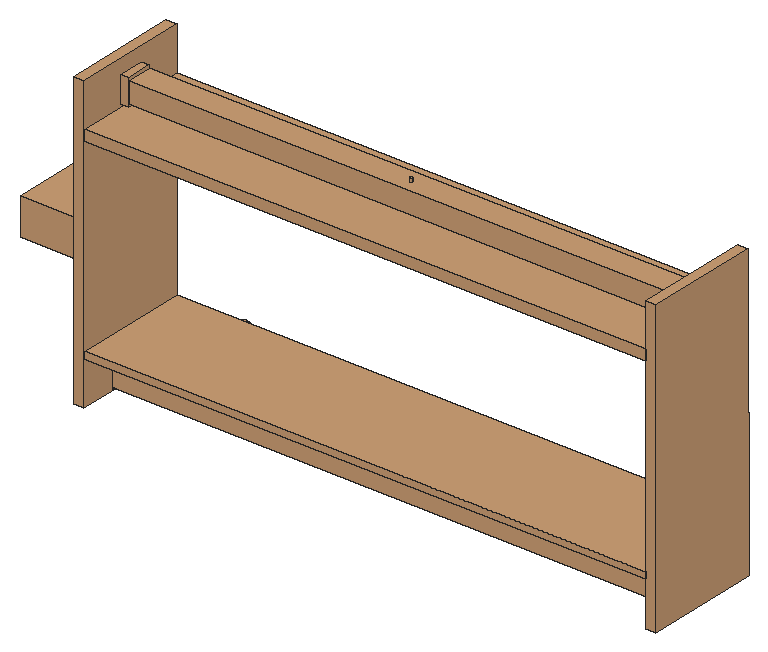
Revit family
Parameters
  Center of Unit = 0' - 0"  # constant formula
  Total Heating Capacity [instance] = 0.0 Btu/h
  Series = "VIFB"
  Outlet Area = 26.80 SF
  Lower Frame Thickness = if(Headers Height = 0' 3", 0' 1 1/4", if(Headers Height = 0' 3 1/4", 0' 1 1/4", 0' 0"))  # 0' - 1 1/4"
  Water Pressure Drop [instance] = 0.00 psi
  Water Flow [instance] = 0 GPM
  Unit Weight (lbs) = 1093
  URL = "http://www.ljwing.com/"
  Water Outlet Radius = 0' - 1 1/2"
  Headers Height = if(M = 0' 1", 0' 3", if(M = 0' 1 1/2", 0' 3 1/4", 0' 0"))  # 0' - 3 1/4"
  Number of Rows = 2  # constant formula
  Number of Coils [instance] = 0
  Nominal Length = 9' - 3 3/16"
  N = 1' - 0 3/4"
  Model = "VB-10W"
  Manufacturer = "LJ Wing"
  M = 0' - 1 1/2"
  Leaving Water Temperature [instance] = 0 °F
  Leaving Air Temperature [instance] = 0 °F
  Entering Water Temperature [instance] = 0 °F
  Entering Air Temperature [instance] = 0 °F
  Description = "Vertical Integral Face & Bypass Water Heating Coils"
  Hot Water Inlet  Radius = 0' - 1 1/2"
  Coil Face Area = Outlet Area * 0.56  # 15.008 SF
  Casing Material = ""
  Assembly Code = "D3020300"
  Air Vent Radius = 0' - 0 1/4"
  Air Pressure Drop [instance] = 0.00 in-wg
  Air Inlet Width = Nominal Length - 0' 4"  # 8' - 11 3/16"
  Air Inlet Height = Y  # 3' - 0"
  Air Flow [instance] = 0 CFM
  Y = 3' - 0"
  S = 0' - 9 3/4"  # constant formula
  Product URL = "http://www.ljwing.com/html/vifb.asp"
  OmniClass = "23-75 70 21 14 "
  Nominal Height = 4' - 8"
  Nominal Depth = 1' - 10"
  R = 0' - 10 1/4"  # constant formula
  Q = 0' - 4 19/32"
Reference planes (in)
  plane 1 "Center (Front/Back)": y = 0
  plane 2: z = -18
  plane 3 "Center (Left/Right)": x = 0
  plane 4: z = 28.25
  plane 5: x = -55.59375
  plane 6: x = 55.59375
  plane 7: z = -27.75
  plane 8: z = 0
  plane 9: y = -11
  plane 10: y = 11
  plane 11: z = 18
  plane 12: z = 20
  plane 13: z = -19.25
  plane 14: x = 53.59375
  plane 15: x = -53.59375
  plane 16: x = -51
  plane 17: x = 51
  plane 18: y = 14.0625
  plane 19: x = -66.59375
  plane 20: z = 25.125
  plane 21: z = 21.125
  plane 22: y = -2.5
  plane 23: y = 2.5
  plane 24: y = -4.5
  plane 25: z = -25.375
  plane 26: x = -42.84375
  plane 27: x = 42.84375
  plane 28: z = -21.375
Forms (in)
  Extrusion 1, solid, material "Painted Finish"
    sketch origin (0, 6, -9.75) x (1, 0, 0) y (0, 0, 1)
      loop
        line (-55.59375, -18) -> (-53.59375, -18) -> (-53.59375, 38) -> (-55.59375, 38) -> (-55.59375, -18)
      loop
        line (55.59375, -18) -> (55.59375, 38) -> (53.59375, 38) -> (53.59375, -18) -> (55.59375, -18)
    from -5 to 17
  Extrusion 2, solid, material "Painted Finish"
    sketch origin (0, 6, 0) x (1, 0, 0) y (0, 0, 1)
      loop
        line (53.59375, -18) -> (-53.59375, -18) -> (-53.59375, -19.25) -> (53.59375, -19.25) -> (53.59375, -18)
      loop
        line (53.59375, 18) -> (53.59375, 20) -> (-53.59375, 20) -> (-53.59375, 18) -> (53.59375, 18)
    from -5 to 17
  Extrusion 3, solid, material "Painted Finish"
    sketch origin (0, 10, -0.5) x (1, 0, 0) y (0, 0, 1)
      loop
        line (-55.59375, 4) -> (-66.59375, 4) -> (-66.59375, -3) -> (-55.59375, -3) -> (-55.59375, 4)
    from 0 to 20
  Extrusion 4, solid, material "Painted Finish"
    sketch origin (0, 6, 0) x (1, 0, 0) y (0, 0, 1)
      loop
        line (-51.96875, 25.125) -> (-51.96875, 21.125) -> (51.96875, 21.125) -> (51.96875, 25.125) -> (-51.96875, 25.125)
    from 3.5 to 8.5
  Extrusion 5, solid, material "Painted Finish"
    sketch origin (0, 0, 0) x (1, 0, 0) y (0, 0, 1)
      loop
        line (-51.96875, 20.625) -> (-51.96875, 25.625) -> (-53.59375, 25.625) -> (-53.59375, 20.625) -> (-51.96875, 20.625)
      loop
        line (53.59375, 20.625) -> (53.59375, 25.625) -> (51.96875, 25.625) -> (51.96875, 20.625) -> (53.59375, 20.625)
    from -2.5 to 2.5
  Extrusion 6, solid, material "Painted Finish"
    sketch origin (0, 6, 0) x (1, 0, 0) y (0, 0, 1)
      loop
        line (-53.09375, -19.75) -> (-53.09375, -19.5) -> (-53.59375, -19.5) -> (-53.59375, -23.25) -> (-53.09375, -23.25) -> (-53.09375, -23) -> (53.09375, -23) -> (53.09375, -23.25) -> (53.59375, -23.25) -> (53.59375, -19.5) -> (53.09375, -19.5) -> (53.09375, -19.75) -> (-53.09375, -19.75)
      loop
        line (53.09375, -27) -> (53.09375, -27.125) -> (53.59375, -27.125) -> (53.59375, -23.5) -> (53.09375, -23.5) -> (53.09375, -23.75) -> (-53.09375, -23.75) -> (-53.09375, -23.5) -> (-53.59375, -23.5) -> (-53.59375, -27.25) -> (-53.09375, -27.25) -> (-53.09375, -27) -> (53.09375, -27)
    from -5 to 10.5
  Extrusion 7, void
    sketch origin (0, 0, 0) x (1, 0, 0) y (0, 0, 1)
      loop
        line (-53.59375, 18) -> (-53.59375, -18) -> (53.59375, -18) -> (53.59375, 18) -> (-53.59375, 18)
    from -11 to 11
  Extrusion 8, solid, material "Painted Finish"
    sketch origin (0, 0, 0) x (1, 0, 0) y (0, 0, 1)
      loop
        circle (42.84375, -25.375) r 1.5
      loop
        circle (-42.84375, -21.375) r 1.5
    from -14.0625 to -11
  Extrusion 9, solid, material "Painted Finish"
    sketch origin (0, 0, 0) x (1, 0, 0) y (0, 1, 0)
      loop
        circle (0, 0) r 0.25
    from 25.125 to 25.625
Cuts and joins
  Extrusion 7 cuts Extrusion 1
  Extrusion 7 cuts Extrusion 2
Dimensions and locks (in)
  "Nominal Length": plane 6 to plane 5
  equal spacing: plane 6, plane 3 "Center (Left/Right)", plane 5
  "S": plane 2 to plane 7
  "Nominal Depth": plane 10 to plane 9
  equal spacing: plane 10, plane 1 "Center (Front/Back)", plane 9
  "Y": plane 11 to plane 2
  "R": plane 4 to plane 11
  locked: plane 12 to plane 11 at 2
  "Lower Frame Thickness": plane 2 to plane 13
  "Q": plane 16 to plane 5
  "Q": plane 6 to plane 17
  locked: plane 18 to plane 10 at 3.0625
  locked: plane 5 to plane 19 at 11
  locked: Extrusion 3 sketch curve to Extrusion 3 sketch curve at 7
  locked: Extrusion 3 to Extrusion 3 at 20
  locked: plane 6 to plane 14 at 2
  locked: plane 15 to plane 5 at 2
  locked: Extrusion 5 sketch curve to plane 20 at 0.5
  locked: plane 21 to Extrusion 5 sketch curve at 0.5
  locked: plane 20 to plane 21 at 4
  locked: plane 23 to plane 22 at 5
  equal spacing: plane 23, plane 1 "Center (Front/Back)", plane 22
  locked: plane 22 to plane 24 at 2
  plane 4 to plane 7 = 4' - 8"
  locked: Extrusion 5 sketch curve to Extrusion 1 at 1.625
  locked: Extrusion 5 sketch curve to Extrusion 5 sketch curve at 1.625
  locked: Extrusion 7 sketch curve to plane 11 at 0
  locked: Extrusion 7 sketch curve to plane 15 at 0
  locked: Extrusion 7 sketch curve to plane 14 at 0
  locked: plane 15 to Extrusion 6 sketch curve at 0.5
  locked: Extrusion 6 sketch curve to Extrusion 6 sketch curve at 0.25  (x2)
  locked: plane 25 to plane 7 at 2.375
  "N": plane 26 to plane 5
  "N": plane 6 to plane 27
  locked: plane 28 to plane 7 at 6.375
  "Headers Height": Extrusion 6 sketch curve to Extrusion 6 sketch curve  (x2)
  locked: Extrusion 8 sketch curve to plane 25 at 0
  locked: Extrusion 8 sketch curve to plane 28 at 0
  locked: Extrusion 9 sketch curve to plane 1 "Center (Front/Back)" at 0
  locked: Extrusion 9 sketch curve to plane 3 "Center (Left/Right)" at 0
  equal spacing: Extrusion 6 sketch curve, plane 28, Extrusion 6 sketch curve
  equal spacing: Extrusion 6 sketch curve, plane 25, Extrusion 6 sketch curve
  locked: plane 4 to plane 20 at 3.125
  locked: Extrusion 7 sketch curve to plane 2 at 0
  equal spacing: plane 11, plane 8, plane 2
  locked: Extrusion 8 sketch curve to plane 27 at 0
  locked: Extrusion 8 sketch curve to plane 26 at 0
  "M": radius of Extrusion 8 sketch curve  (x2)
  "Air Vent Radius": radius of Extrusion 9 sketch curve
  aligned and locked: Extrusion 1 to plane 9
  aligned and locked: Extrusion 1 to plane 10
  aligned and locked: plane 15 to Extrusion 1
  aligned and locked: Extrusion 1 to plane 14
  aligned and locked: plane 9 to Extrusion 2
  aligned and locked: plane 9 to Extrusion 1
  aligned and locked: plane 10 to Extrusion 1  (x2)
  aligned and locked: Extrusion 2 to plane 10
  aligned and locked: plane 10 to Extrusion 2  (x2)
  aligned and locked: Extrusion 2 to plane 9  (x2)
  aligned and locked: plane 5 to Extrusion 3
  aligned and locked: Extrusion 5 sketch curve to plane 15
  aligned and locked: Extrusion 5 sketch curve to Extrusion 4
  aligned and locked: Extrusion 1 to Extrusion 6
  aligned and locked: plane 22 to Extrusion 5
  aligned and locked: Extrusion 5 to Extrusion 4  (x2)
  aligned and locked: Extrusion 5 to plane 23
  aligned and locked: Extrusion 6 to plane 24
  aligned and locked: Extrusion 4 to Extrusion 5  (x2)
  aligned and locked: Extrusion 5 to Extrusion 1  (x2)
  aligned and locked: Extrusion 1 to Extrusion 7  (x2)
  aligned and locked: Extrusion 8 to plane 18
  aligned and locked: Extrusion 8 to plane 10
  aligned and locked: plane 20 to Extrusion 9
  aligned and locked: Extrusion 9 to Extrusion 5
  aligned and locked: plane 2 to cut or joined group of Extrusion 2, Extrusion 7
  aligned and locked: plane 6 to Extrusion 1 sketch curve
  aligned and locked: plane 14 to Extrusion 1 sketch curve
  aligned and locked: Extrusion 1 sketch curve to plane 15
  aligned and locked: Extrusion 1 sketch curve to plane 5
  aligned and locked: Extrusion 1 sketch curve to plane 4  (x2)
  aligned and locked: plane 7 to Extrusion 1 sketch curve  (x2)
  aligned and locked: Extrusion 2 sketch curve to plane 11
  aligned and locked: Extrusion 2 sketch curve to plane 12
  aligned and locked: plane 2 to Extrusion 2 sketch curve
  aligned and locked: Extrusion 2 sketch curve to plane 13
  aligned and locked: Extrusion 2 sketch curve to plane 14  (x2)
  aligned and locked: Extrusion 2 sketch curve to plane 15  (x2)
  aligned and locked: plane 20 to Extrusion 4 sketch curve
  aligned and locked: Extrusion 4 sketch curve to plane 21
  aligned and locked: Extrusion 6 sketch curve to plane 14  (x2)
  aligned and locked: plane 15 to Extrusion 6 sketch curve  (x2)
Automatic sketch dimensions
  Extrusion 3 sketch curve to plane 19 = 0' - 0"
  Extrusion 3 sketch curve to plane 5 = 0' - 0"
  plane 8 to Extrusion 3 sketch curve = 0' - 3 1/2"
  Extrusion 4 sketch curve to plane 16 = 0' - 0 31/32"
  plane 17 to Extrusion 4 sketch curve = 0' - 0 31/32"
  plane 21 to Extrusion 5 sketch curve = 0' - 0 1/2"
  Extrusion 5 sketch curve to plane 20 = 0' - 0 1/2"
  plane 15 to Extrusion 6 sketch curve = 0' - 0 1/2"  (x2)
  Extrusion 6 sketch curve to Extrusion 6 sketch curve = 0' - 0 1/4"  (x5)
  Extrusion 6 sketch curve to Extrusion 6 sketch curve = 0' - 0"  (x2)
  Extrusion 6 sketch curve to plane 14 = 0' - 0 1/2"  (x2)
  Extrusion 6 sketch curve to Extrusion 6 sketch curve = 0' - 0 1/2"
  Extrusion 6 sketch curve to plane 7 = 0' - 0 5/8"
Connectors (in)
  hvac at (0, -11, 0), driven by "Air Inlet Height", driven by "Air Inlet Width", driven by "Air Flow", driven by "Air Pressure Drop"
    settings: on Extrusion 7, index 1
  hvac at (0, 11, 0), driven by "Air Pressure Drop", driven by "Air Inlet Height", driven by "Air Inlet Width", driven by "Air Flow"
    settings: on Extrusion 7, index 2
  piping at (-42.84375, 14.0625, -21.375), driven by "M", driven by "Water Flow", driven by "Water Pressure Drop"
    settings: on Extrusion 8, index 4
  piping at (42.84375, 14.0625, -25.375), driven by "Water Pressure Drop", driven by "Water Flow", driven by "M"
    settings: on Extrusion 8, index 5
